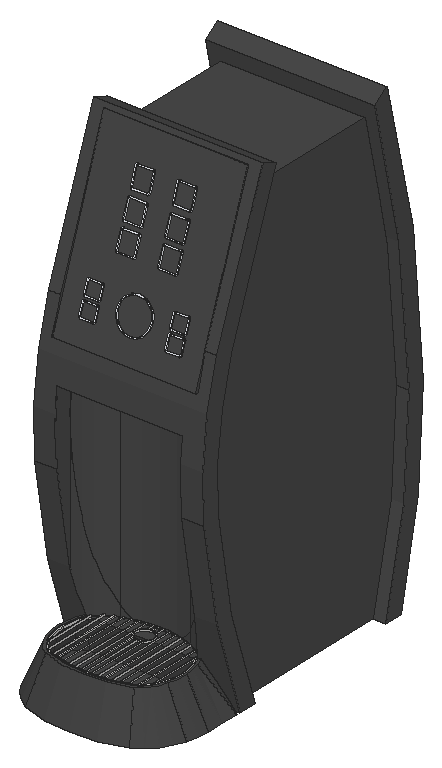
Revit family "QF_LANCER_TST", category Specialty Equipment, Revit 2014
Parameters
  Width = 9.40"
  Weight in Pounds = 35
  Watts = Volts * FL Amps  # 240 W
  Waste Water Discharge Temperature [instance] = 0 °F
  Volts = 120 V
  URL Cutsheet = "www.lancerbeersystem.com"
  URL = "www.lancerbeersystem.com"
  Type Mark [instance] = ""
  Status [instance] = ""
  Specification by User [instance] = ""
  Specification by Manufacturer = ""
  Serial Number = ""
  Seismic Rating = ""
  SMACNA No = ""
  Revision Code [instance] = ""
  Plumbing Remarks = ""
  Plumbing Connection Type = ""
  Phase = 1
  Omniclass Number and Title = ""
  Number of Poles = 1
  NAFEM Spec ID Number = ""
  Model = "320"
  Min Ckt Ampacity = 0 A
  Max Overcurrent Protection = 0 A
  Masterspec = ""
  Manufacturer = "LANCER"
  Item Number [instance] = ""
  Installed By [instance] = ""
  Indirect Waste Size = 1"
  Indirect Waste Flow [instance] = 0 GPM
  Indirect Waste Connection Type = ""
  Indirect Waste Connection Height = 0.00"
  Identify Quantity as Lot [instance] = yes
  Height = 26.75"
  HP = ""
  Furnished By [instance] = ""
  Foodservice Equipment Identifier [instance] = yes
  FL Amps = 2 A
  Elec Conn RI Height = 0.00"
  Elec Conn Connection Height = 0.00"
  Description = "TOUCHSCREEN TOWER"
  Depth = 18.70"
  Cycle = 60 Hz
  Conn Plug = ""
  Conn Conduit = yes
  CSI MasterFormat = ""
  CSI Master Format = ""
  Apparent Power = if(Phase = 3, Volts * FL Amps * 1.73, Volts * FL Amps)  # 240 VA
Reference planes (in)
  plane 1 "BACK": y = 0
  plane 2: z = 0
  plane 3 "LEFT": x = 0
  plane 4 "RIGHT": x = 9.4
  plane 5 "FRONT": y = -18.7
  plane 6 "TOP": z = 26.75
  plane 7 "Center Y": x = 4.7
  plane 8 "Center X": y = -9.35
Forms (in)
  Extrusion 1, solid, material "QF_Finishes_Black"
    sketch origin (0, 0, 0) x (0, 1, 0) y (0, 0, 1)
      loop
        line (-2.5, 26.75) -> (-3.36251, 26.14606)
        arc (-3.36251, 26.14606) -> (-1.66606, 18.62649) -> (-0.99982, 10.94676) r 56.99453
        arc (-0.99982, 10.94676) -> (-1.3472, 5.40849) -> (-2.58871, 0) r 34.08183
        line (-2.58871, 0) -> (-1.54112, 0)
        arc (-1.54112, 0) -> (-0.33518, 5.42162) -> (0, 10.96562) r 35.08183
        arc (0, 10.96562) -> (-0.7037, 18.94434) -> (-2.5, 26.75) r 57.99453
      loop
        arc (-15.2461, 10.38656) -> (-14.36192, 5.10763) -> (-12.76158, 0) r 38.90598
        line (-12.76158, 0) -> (-11.68579, 0)
        arc (-11.68579, 0) -> (-13.34333, 5.15) -> (-14.25082, 10.48352) r 37.90598
        arc (-14.25082, 10.48352) -> (-14.2148, 14.38002) -> (-13.35702, 18.18111) r 18.35401
        arc (-13.35702, 18.18111) -> (-11.87355, 22.29884) -> (-10.24701, 26.3622) r 125.15989
        line (-10.24701, 26.3622) -> (-11.16875, 26.75)
        arc (-11.16875, 26.75) -> (-12.80829, 22.65418) -> (-14.30361, 18.50354) r 126.15989
        arc (-14.30361, 18.50354) -> (-15.20813, 14.49536) -> (-15.2461, 10.38656) r 19.35401
    from 0 to 9.4
  SweptBlend 2, solid, material "QF_Finishes_Black"
    path origin (0, -18.7, 0) x (1, 0, 0) y (0, 0, 1)
      loop
        line (4.7, 0) -> (4.7, 2.5)
    profile origin (4.7, -18.7, 0) x (-1, 0, 0) y (0, -1, 0)
      loop
        arc (2.89919, -0.56251) -> (0, 0) -> (-2.89919, -0.56251) r 7.75254
        arc (-2.89919, -0.56251) -> (-3.88893, -1.3872) -> (-4.48126, -2.53125) r 3.25544
        arc (-4.48126, -2.53125) -> (-4.62687, -3.17404) -> (-4.7, -3.82906) r 5.90965
        line (-4.7, -3.82906) -> (-4.7, -5.7317)
        arc (-4.7, -5.7317) -> (0, -7.37975) -> (4.7, -5.7317) r 7.52587
        line (4.7, -5.7317) -> (4.7, -3.82906)
        arc (4.7, -3.82906) -> (4.62687, -3.17404) -> (4.48126, -2.53125) r 5.90965
        arc (4.48126, -2.53125) -> (3.88893, -1.3872) -> (2.89919, -0.56251) r 3.25544
    end profile origin (4.7, -18.7, 2.5) x (-1, 0, 0) y (0, -1, 0)
      loop
        arc (3.39062, -2.60151) -> (3.03807, -1.89567) -> (2.45218, -1.36724) r 2.12364
        arc (2.45218, -1.36724) -> (0, -0.90625) -> (-2.45218, -1.36724) r 6.75254
        arc (-2.45218, -1.36724) -> (-3.03807, -1.89567) -> (-3.39062, -2.60151) r 2.12364
        arc (-3.39062, -2.60151) -> (-3.51331, -3.11874) -> (-3.57731, -3.64646) r 4.73902
        arc (-3.57731, -3.64646) -> (-3.51661, -4.16903) -> (-3.39816, -4.68161) r 4.72292
        arc (-3.39816, -4.68161) -> (-3.03253, -5.40434) -> (-2.41742, -5.93127) r 2.06856
        arc (-2.41742, -5.93127) -> (0, -6.39303) -> (2.41742, -5.93127) r 6.55866
        arc (2.41742, -5.93127) -> (3.03253, -5.40434) -> (3.39816, -4.68161) r 2.06856
        arc (3.39816, -4.68161) -> (3.51661, -4.16903) -> (3.57731, -3.64646) r 4.72292
        arc (3.57731, -3.64646) -> (3.51331, -3.11874) -> (3.39062, -2.60151) r 4.73902
  Extrusion 3, solid, material "QF_Finishes_Black"
    sketch origin (4.7, 6.90541, 48) x (0, 1, 0) y (0, 0, 1)
      loop
        arc (-21.15622, -37.51648) -> (-20.24873, -42.85) -> (-18.5912, -48) r 37.90598
        line (-18.5912, -48) -> (-9.49412, -48)
        arc (-9.49412, -48) -> (-8.25261, -42.59151) -> (-7.90523, -37.05324) r 34.08183
        arc (-7.90523, -37.05324) -> (-8.50255, -29.82894) -> (-10.01202, -22.7389) r 56.99453
        line (-10.01202, -22.7389) -> (-17.60951, -22.7389)
        arc (-17.60951, -22.7389) -> (-18.98944, -26.25886) -> (-20.26243, -29.81889) r 125.15989
        arc (-20.26243, -29.81889) -> (-21.12021, -33.61998) -> (-21.15622, -37.51648) r 18.35401
    from -4 to 4
  Extrusion 4, void
    sketch origin (4.7, -15.05438, 2.5) x (0.363149, 0.931731, 0) y (0.931731, -0.363149, 0)
      loop
        arc (1.4333, -2.61655) -> (2.47087, -0.96304) -> (2.82592, 0.95649) r 5.20212
        arc (2.82592, 0.95649) -> (2.58793, 2.07417) -> (1.92609, 3.00574) r 2.82095
        line (1.92609, 3.00574) -> (0.86809, 3.41811) -> (-1.67396, -3.10401) -> (-0.61595, -3.51638)
        arc (-0.61595, -3.51638) -> (0.50173, -3.27839) -> (1.4333, -2.61655) r 2.82095
    from 0 to -12
  SweptBlend 5, void
    path origin (0, -18.7, 0) x (1, 0, 0) y (0, 0, 1)
      loop
        line (4.7, 0.25) -> (4.7, 2.5)
    profile origin (4.7, -18.7, 0.25) x (-1, 0, 0) y (0, -1, 0)
      loop
        arc (2.68548, -1.01551) -> (0, -0.5) -> (-2.68548, -1.01551) r 7.25254
        arc (-2.68548, -1.01551) -> (-3.50773, -1.7111) -> (-4.00053, -2.66874) r 2.75544
        arc (-4.00053, -2.66874) -> (-4.13269, -3.25047) -> (-4.2, -3.84321) r 5.40965
        line (-4.2, -3.84321) -> (-4.2, -5.48618)
        arc (-4.2, -5.48618) -> (0, -6.87975) -> (4.2, -5.48618) r 7.02587
        line (4.2, -5.48618) -> (4.2, -3.84321)
        arc (4.2, -3.84321) -> (4.13269, -3.25047) -> (4.00053, -2.66874) r 5.40965
        arc (4.00053, -2.66874) -> (3.50773, -1.7111) -> (2.68548, -1.01551) r 2.75544
    end profile origin (4.7, -18.7, 2.5) x (-1, 0, 0) y (0, -1, 0)
      loop
        arc (3.26577, -2.63776) -> (2.93824, -1.97918) -> (2.3942, -1.48418) r 1.99364
        arc (2.3942, -1.48418) -> (0, -1.03625) -> (-2.3942, -1.48418) r 6.62254
        arc (-2.3942, -1.48418) -> (-2.93824, -1.97918) -> (-3.26577, -2.63776) r 1.99364
        arc (-3.26577, -2.63776) -> (-3.38455, -3.13721) -> (-3.44705, -3.64676) r 4.60902
        arc (-3.44705, -3.64676) -> (-3.38775, -4.15122) -> (-3.27311, -4.64605) r 4.59292
        arc (-3.27311, -4.64605) -> (-2.93315, -5.32039) -> (-2.36131, -5.81366) r 1.93856
        arc (-2.36131, -5.81366) -> (0, -6.26303) -> (2.36131, -5.81366) r 6.42866
        arc (2.36131, -5.81366) -> (2.93315, -5.32039) -> (3.27311, -4.64605) r 1.93856
        arc (3.27311, -4.64605) -> (3.38775, -4.15122) -> (3.44705, -3.64676) r 4.59292
        arc (3.44705, -3.64676) -> (3.38455, -3.13721) -> (3.26577, -2.63776) r 4.60902
  Extrusion 6, solid, material "QF_Finishes_Stainless Steel"
    sketch origin (4.7, -15.05438, 2.5) x (0.931731, -0.363149, 0) y (0.363149, 0.931731, 0)
      loop
        arc (-3.15617, -1.22876) -> (-2.91659, -1.67328) -> (-2.62921, -2.0885) r 4.54902
        arc (-2.62921, -2.0885) -> (-2.10351, -2.56707) -> (-1.4404, -2.82332) r 1.93364
        arc (-1.4404, -2.82332) -> (0.9258, -2.37532) -> (2.97107, -1.10392) r 6.56254
        arc (2.97107, -1.10392) -> (3.28588, -0.46651) -> (3.34906, 0.24158) r 1.93364
        arc (3.34906, 0.24158) -> (3.27965, 0.74175) -> (3.15524, 1.23116) r 4.54902
        arc (3.15524, 1.23116) -> (2.92044, 1.6721) -> (2.63854, 2.08452) r 4.53292
        arc (2.63854, 2.08452) -> (2.09601, 2.57287) -> (1.4083, 2.81756) r 1.87856
        arc (1.4083, 2.81756) -> (-0.92872, 2.38283) -> (-2.94354, 1.1214) r 6.36866
        arc (-2.94354, 1.1214) -> (-3.28428, 0.47587) -> (-3.35324, -0.25081) r 1.87856
        arc (-3.35324, -0.25081) -> (-3.28169, -0.74523) -> (-3.15617, -1.22876) r 4.53292
      loop
        arc (-3.29351, -0.24514) -> (-3.22329, -0.73128) -> (-3.1002, -1.2068) r 4.47292
        arc (-3.1002, -1.2068) -> (-2.8643, -1.64375) -> (-2.58159, -2.05199) r 4.48902
        arc (-2.58159, -2.05199) -> (-2.07451, -2.51446) -> (-1.43491, -2.7633) r 1.87364
        arc (-1.43491, -2.7633) -> (0.90401, -2.31942) -> (2.92641, -1.06344) r 6.50254
        arc (2.92641, -1.06344) -> (3.22892, -0.44741) -> (3.28929, 0.23623) r 1.87364
        arc (3.28929, 0.23623) -> (3.22118, 0.72811) -> (3.09916, 1.20945) r 4.48902
        arc (3.09916, 1.20945) -> (2.868, 1.64285) -> (2.59072, 2.04828) r 4.47292
        arc (2.59072, 2.04828) -> (2.06728, 2.52014) -> (1.40376, 2.75758) r 1.81856
        arc (1.40376, 2.75758) -> (-0.90693, 2.32692) -> (-2.8996, 1.08031) r 6.30866
        arc (-2.8996, 1.08031) -> (-3.22744, 0.45648) -> (-3.29351, -0.24514) r 1.81856
    from 0 to -0.13
  Extrusion 7, solid, material "QF_Finishes_Stainless Steel"
    sketch origin (4.7, -15.05438, 2.5) x (0.931731, -0.363149, 0) y (0.363149, 0.931731, 0)
      loop
        line (-3.28419, 0.19788) -> (-2.28673, -2.3613)
        arc (-2.28673, -2.3613) -> (-2.24099, -2.39824) -> (-2.1941, -2.43373) r 1.87364
        line (-2.1941, -2.43373) -> (-3.2641, 0.31156)
        arc (-3.2641, 0.31156) -> (-3.27505, 0.25488) -> (-3.28419, 0.19788) r 1.81856
      loop
        line (-2.76311, 1.20292) -> (-1.21894, -2.75897)
        arc (-1.21894, -2.75897) -> (-1.18725, -2.75773) -> (-1.15557, -2.75633) r 6.50254
        line (-1.15557, -2.75633) -> (-2.71493, 1.24452)
        arc (-2.71493, 1.24452) -> (-2.73907, 1.22378) -> (-2.76311, 1.20292) r 6.30866
      loop
        line (0.67544, -2.40361) -> (-0.60875, 0.89124)
        arc (-0.60875, 0.89124) -> (-0.49799, 0.89354) -> (-0.38984, 0.91761) r 0.56
        line (-0.38984, 0.91761) -> (0.87603, -2.33025) -> (0.93194, -2.30846) -> (-0.33394, 0.9394)
        arc (-0.33394, 0.9394) -> (-0.23803, 0.99486) -> (-0.15492, 1.06812) r 0.56
        line (-0.15492, 1.06812) -> (1.12927, -2.22673)
        arc (1.12927, -2.22673) -> (1.15679, -2.21472) -> (1.18425, -2.20258) r 6.50254
        line (1.18425, -2.20258) -> (-0.11125, 1.12128)
        arc (-0.11125, 1.12128) -> (-0.04319, 1.65289) -> (-0.45304, 1.99823) r 0.56
        line (-0.45304, 1.99823) -> (-0.62146, 2.43034)
        arc (-0.62146, 2.43034) -> (-0.64991, 2.42073) -> (-0.67831, 2.41098) r 6.30866
        line (-0.67831, 2.41098) -> (-0.52117, 2.00781)
        arc (-0.52117, 2.00781) -> (-0.63194, 2.0055) -> (-0.74008, 1.98144) r 0.56
        line (-0.74008, 1.98144) -> (-0.87898, 2.33782) -> (-0.93489, 2.31603) -> (-0.79599, 1.95965)
        arc (-0.79599, 1.95965) -> (-0.89189, 1.90419) -> (-0.975, 1.83093) r 0.56
        line (-0.975, 1.83093) -> (-1.13214, 2.2341)
        arc (-1.13214, 2.2341) -> (-1.15965, 2.22206) -> (-1.1871, 2.20988) r 6.30866
        line (-1.1871, 2.20988) -> (-1.01868, 1.77776)
        arc (-1.01868, 1.77776) -> (-1.08673, 1.24616) -> (-0.67688, 0.90082) r 0.56
        line (-0.67688, 0.90082) -> (0.61862, -2.42305)
        arc (0.61862, -2.42305) -> (0.64705, -2.41339) -> (0.67544, -2.40361) r 6.50254
      loop
        line (-1.62762, -2.71618) -> (-3.03347, 0.89081)
        arc (-3.03347, 0.89081) -> (-3.05315, 0.85802) -> (-3.07215, 0.82482) r 1.81856
        line (-3.07215, 0.82482) -> (-1.70133, -2.69229)
        arc (-1.70133, -2.69229) -> (-1.6646, -2.70461) -> (-1.62762, -2.71618) r 1.87364
      loop
        arc (-0.83517, -2.7335) -> (-0.80418, -2.73045) -> (-0.77321, -2.72725) r 6.50254
        line (-0.77321, -2.72725) -> (-2.41511, 1.48537)
        arc (-2.41511, 1.48537) -> (-2.43998, 1.46652) -> (-2.46476, 1.44754) r 6.30866
        line (-2.46476, 1.44754) -> (-0.83517, -2.7335)
      loop
        arc (-0.45984, -2.68637) -> (-0.42952, -2.68159) -> (-0.39923, -2.67667) r 6.50254
        line (-0.39923, -2.67667) -> (-2.10659, 1.70391)
        arc (-2.10659, 1.70391) -> (-2.13215, 1.68684) -> (-2.15763, 1.66965) r 6.30866
        line (-2.15763, 1.66965) -> (-0.45984, -2.68637)
      loop
        arc (-0.09259, -2.6185) -> (-0.06292, -2.61206) -> (-0.03327, -2.60548) r 6.50254
        line (-0.03327, -2.60548) -> (-1.78975, 1.90112)
        arc (-1.78975, 1.90112) -> (-1.81598, 1.88577) -> (-1.84213, 1.87029) r 6.30866
        line (-1.84213, 1.87029) -> (-0.09259, -2.6185)
      loop
        arc (0.26683, -2.53058) -> (0.29588, -2.52252) -> (0.32489, -2.51432) r 6.50254
        line (0.32489, -2.51432) -> (-1.46488, 2.0777)
        arc (-1.46488, 2.0777) -> (-1.49175, 2.06401) -> (-1.51856, 2.0502) r 6.30866
        line (-1.51856, 2.0502) -> (0.26683, -2.53058)
      loop
        arc (2.28406, 2.36815) -> (2.23876, 2.40393) -> (2.19234, 2.43825) r 1.81856
        line (2.19234, 2.43825) -> (3.26234, -0.30704)
        arc (3.26234, -0.30704) -> (3.27284, -0.24919) -> (3.28152, -0.19103) r 1.87364
        line (3.28152, -0.19103) -> (2.28406, 2.36815)
      loop
        arc (1.2203, 2.75548) -> (1.18848, 2.75458) -> (1.15667, 2.75351) r 6.30866
        line (1.15667, 2.75351) -> (2.71603, -1.24735)
        arc (2.71603, -1.24735) -> (2.7403, -1.22694) -> (2.76447, -1.2064) r 6.50254
        line (2.76447, -1.2064) -> (1.2203, 2.75548)
      loop
        arc (3.0364, -0.89834) -> (3.0558, -0.8648) -> (3.0745, -0.83087) r 1.87364
        line (3.0745, -0.83087) -> (1.70368, 2.68624)
        arc (1.70368, 2.68624) -> (1.66724, 2.69783) -> (1.63055, 2.70865) r 1.81856
        line (1.63055, 2.70865) -> (3.0364, -0.89834)
      loop
        line (2.46469, -1.44736) -> (0.8351, 2.73368)
        arc (0.8351, 2.73368) -> (0.80401, 2.73089) -> (0.77294, 2.72794) r 6.30866
        line (0.77294, 2.72794) -> (2.41484, -1.48468)
        arc (2.41484, -1.48468) -> (2.43981, -1.46608) -> (2.46469, -1.44736) r 6.50254
      loop
        line (2.15646, -1.66665) -> (0.45867, 2.68937)
        arc (0.45867, 2.68937) -> (0.42828, 2.68479) -> (0.39791, 2.68006) r 6.30866
        line (0.39791, 2.68006) -> (2.10527, -1.70052)
        arc (2.10527, -1.70052) -> (2.1309, -1.68365) -> (2.15646, -1.66665) r 6.50254
      loop
        line (1.84015, -1.8652) -> (0.09061, 2.62359)
        arc (0.09061, 2.62359) -> (0.06088, 2.61729) -> (0.03118, 2.61084) r 6.30866
        line (0.03118, 2.61084) -> (1.78766, -1.89576)
        arc (1.78766, -1.89576) -> (1.81394, -1.88054) -> (1.84015, -1.8652) r 6.50254
      loop
        line (1.51602, -2.0437) -> (-0.26937, 2.53708)
        arc (-0.26937, 2.53708) -> (-0.29845, 2.52911) -> (-0.3275, 2.521) r 6.30866
        line (-0.3275, 2.521) -> (1.46228, -2.07102)
        arc (1.46228, -2.07102) -> (1.48918, -2.05742) -> (1.51602, -2.0437) r 6.50254
      loop
        circle (-0.56496, 1.44952) r 0.5
    from 0 to 0.06
  Extrusion 8, void
    sketch origin (4.7, 6.90541, 48) x (0, -1, 0) y (0, 0, 1)
      loop
        line (18.46712, -21.39475) -> (18.00926, -21.58617) -> (21.60047, -31.45294) -> (22.22747, -31.19081) -> (18.46712, -21.39475)
    from -4 to 4
  Extrusion 9, solid, material "QF_Finishes_Black"
    sketch origin (4.7, -11.10385, 26.41383) x (0, -0.34202, -0.939693) y (1, 0, 0)
      loop
        line (0, -4) -> (10.49248, -4) -> (10.49248, 4) -> (0, 4) -> (0, -4)
    from 0 to 0.25
  Extrusion 10, solid, material "QF_Finishes_White"
    sketch origin (4.7, -11.33878, 26.49934) x (0, -0.34202, -0.939693) y (1, 0, 0)
      loop
        arc (1.75296, -1.58796) -> (1.79113, -1.68013) -> (1.88331, -1.7183) r 0.13035
        line (1.88331, -1.7183) -> (2.81046, -1.7183)
        arc (2.81046, -1.7183) -> (2.90238, -1.68023) -> (2.94046, -1.5883) r 0.13
        line (2.94046, -1.5883) -> (2.94046, -0.75455)
        arc (2.94046, -0.75455) -> (2.90238, -0.66263) -> (2.81046, -0.62455) r 0.13
        line (2.81046, -0.62455) -> (1.88296, -0.62455)
        arc (1.88296, -0.62455) -> (1.79103, -0.66263) -> (1.75296, -0.75455) r 0.13
        line (1.75296, -0.75455) -> (1.75296, -1.58796)
      loop
        line (2.87046, -1.6483) -> (2.87046, -0.69455) -> (1.82296, -0.69455) -> (1.82296, -1.6483) -> (2.87046, -1.6483)
      loop
        line (1.75296, 1.58796) -> (1.75296, 0.75455)
        arc (1.75296, 0.75455) -> (1.79103, 0.66263) -> (1.88296, 0.62455) r 0.13
        line (1.88296, 0.62455) -> (2.81046, 0.62455)
        arc (2.81046, 0.62455) -> (2.90238, 0.66263) -> (2.94046, 0.75455) r 0.13
        line (2.94046, 0.75455) -> (2.94046, 1.5883)
        arc (2.94046, 1.5883) -> (2.90238, 1.68023) -> (2.81046, 1.7183) r 0.13
        line (2.81046, 1.7183) -> (1.88331, 1.7183)
        arc (1.88331, 1.7183) -> (1.79113, 1.68013) -> (1.75296, 1.58796) r 0.13035
      loop
        line (2.87046, 1.6483) -> (1.82296, 1.6483) -> (1.82296, 0.69455) -> (2.87046, 0.69455) -> (2.87046, 1.6483)
      loop
        arc (3.25296, -1.58796) -> (3.29113, -1.68013) -> (3.38331, -1.7183) r 0.13035
        line (3.38331, -1.7183) -> (4.31046, -1.7183)
        arc (4.31046, -1.7183) -> (4.40238, -1.68023) -> (4.44046, -1.5883) r 0.13
        line (4.44046, -1.5883) -> (4.44046, -0.75455)
        arc (4.44046, -0.75455) -> (4.40238, -0.66263) -> (4.31046, -0.62455) r 0.13
        line (4.31046, -0.62455) -> (3.38296, -0.62455)
        arc (3.38296, -0.62455) -> (3.29103, -0.66263) -> (3.25296, -0.75455) r 0.13
        line (3.25296, -0.75455) -> (3.25296, -1.58796)
      loop
        line (4.37046, -1.6483) -> (4.37046, -0.69455) -> (3.32296, -0.69455) -> (3.32296, -1.6483) -> (4.37046, -1.6483)
      loop
        line (3.25296, 1.58796) -> (3.25296, 0.75455)
        arc (3.25296, 0.75455) -> (3.29103, 0.66263) -> (3.38296, 0.62455) r 0.13
        line (3.38296, 0.62455) -> (4.31046, 0.62455)
        arc (4.31046, 0.62455) -> (4.40238, 0.66263) -> (4.44046, 0.75455) r 0.13
        line (4.44046, 0.75455) -> (4.44046, 1.5883)
        arc (4.44046, 1.5883) -> (4.40238, 1.68023) -> (4.31046, 1.7183) r 0.13
        line (4.31046, 1.7183) -> (3.38331, 1.7183)
        arc (3.38331, 1.7183) -> (3.29113, 1.68013) -> (3.25296, 1.58796) r 0.13035
      loop
        line (4.37046, 1.6483) -> (3.32296, 1.6483) -> (3.32296, 0.69455) -> (4.37046, 0.69455) -> (4.37046, 1.6483)
      loop
        arc (4.6801, -1.58796) -> (4.71828, -1.68013) -> (4.81045, -1.7183) r 0.13035
        line (4.81045, -1.7183) -> (5.7376, -1.7183)
        arc (5.7376, -1.7183) -> (5.82953, -1.68023) -> (5.8676, -1.5883) r 0.13
        line (5.8676, -1.5883) -> (5.8676, -0.75455)
        arc (5.8676, -0.75455) -> (5.82953, -0.66263) -> (5.7376, -0.62455) r 0.13
        line (5.7376, -0.62455) -> (4.8101, -0.62455)
        arc (4.8101, -0.62455) -> (4.71818, -0.66263) -> (4.6801, -0.75455) r 0.13
        line (4.6801, -0.75455) -> (4.6801, -1.58796)
      loop
        line (5.7976, -1.6483) -> (5.7976, -0.69455) -> (4.7501, -0.69455) -> (4.7501, -1.6483) -> (5.7976, -1.6483)
      loop
        line (4.6801, 1.58796) -> (4.6801, 0.75455)
        arc (4.6801, 0.75455) -> (4.71818, 0.66263) -> (4.8101, 0.62455) r 0.13
        line (4.8101, 0.62455) -> (5.7376, 0.62455)
        arc (5.7376, 0.62455) -> (5.82953, 0.66263) -> (5.8676, 0.75455) r 0.13
        line (5.8676, 0.75455) -> (5.8676, 1.5883)
        arc (5.8676, 1.5883) -> (5.82953, 1.68023) -> (5.7376, 1.7183) r 0.13
        line (5.7376, 1.7183) -> (4.81045, 1.7183)
        arc (4.81045, 1.7183) -> (4.71828, 1.68013) -> (4.6801, 1.58796) r 0.13035
      loop
        line (5.7976, 1.6483) -> (4.7501, 1.6483) -> (4.7501, 0.69455) -> (5.7976, 0.69455) -> (5.7976, 1.6483)
      loop
        arc (7.35802, -2.73792) -> (7.39619, -2.83009) -> (7.48837, -2.86827) r 0.13035
        line (7.48837, -2.86827) -> (8.10302, -2.86827)
        arc (8.10302, -2.86827) -> (8.19494, -2.83019) -> (8.23302, -2.73827) r 0.13
        line (8.23302, -2.73827) -> (8.23302, -2.06077)
        arc (8.23302, -2.06077) -> (8.19494, -1.96885) -> (8.10302, -1.93077) r 0.13
        line (8.10302, -1.93077) -> (7.48802, -1.93077)
        arc (7.48802, -1.93077) -> (7.39609, -1.96885) -> (7.35802, -2.06077) r 0.13
        line (7.35802, -2.06077) -> (7.35802, -2.73792)
      loop
        line (8.16302, -2.79827) -> (8.16302, -2.00077) -> (7.42802, -2.00077) -> (7.42802, -2.79827) -> (8.16302, -2.79827)
      loop
        arc (8.35802, -2.73792) -> (8.39619, -2.83009) -> (8.48837, -2.86827) r 0.13035
        line (8.48837, -2.86827) -> (9.10302, -2.86827)
        arc (9.10302, -2.86827) -> (9.19494, -2.83019) -> (9.23302, -2.73827) r 0.13
        line (9.23302, -2.73827) -> (9.23302, -2.06077)
        arc (9.23302, -2.06077) -> (9.19494, -1.96885) -> (9.10302, -1.93077) r 0.13
        line (9.10302, -1.93077) -> (8.48802, -1.93077)
        arc (8.48802, -1.93077) -> (8.39609, -1.96885) -> (8.35802, -2.06077) r 0.13
        line (8.35802, -2.06077) -> (8.35802, -2.73792)
      loop
        line (9.16302, -2.79827) -> (9.16302, -2.00077) -> (8.42802, -2.00077) -> (8.42802, -2.79827) -> (9.16302, -2.79827)
      loop
        line (7.35802, 2.73792) -> (7.35802, 2.06077)
        arc (7.35802, 2.06077) -> (7.39609, 1.96885) -> (7.48802, 1.93077) r 0.13
        line (7.48802, 1.93077) -> (8.10302, 1.93077)
        arc (8.10302, 1.93077) -> (8.19494, 1.96885) -> (8.23302, 2.06077) r 0.13
        line (8.23302, 2.06077) -> (8.23302, 2.73827)
        arc (8.23302, 2.73827) -> (8.19494, 2.83019) -> (8.10302, 2.86827) r 0.13
        line (8.10302, 2.86827) -> (7.48837, 2.86827)
        arc (7.48837, 2.86827) -> (7.39619, 2.83009) -> (7.35802, 2.73792) r 0.13035
      loop
        line (8.16302, 2.79827) -> (7.42802, 2.79827) -> (7.42802, 2.00077) -> (8.16302, 2.00077) -> (8.16302, 2.79827)
      loop
        line (8.35802, 2.73792) -> (8.35802, 2.06077)
        arc (8.35802, 2.06077) -> (8.39609, 1.96885) -> (8.48802, 1.93077) r 0.13
        line (8.48802, 1.93077) -> (9.10302, 1.93077)
        arc (9.10302, 1.93077) -> (9.19494, 1.96885) -> (9.23302, 2.06077) r 0.13
        line (9.23302, 2.06077) -> (9.23302, 2.73827)
        arc (9.23302, 2.73827) -> (9.19494, 2.83019) -> (9.10302, 2.86827) r 0.13
        line (9.10302, 2.86827) -> (8.48837, 2.86827)
        arc (8.48837, 2.86827) -> (8.39619, 2.83009) -> (8.35802, 2.73792) r 0.13035
      loop
        line (9.16302, 2.79827) -> (8.42802, 2.79827) -> (8.42802, 2.00077) -> (9.16302, 2.00077) -> (9.16302, 2.79827)
      loop
        circle (8.23302, 0) r 1
      loop
        circle (8.23302, 0) r 0.94
    from 0 to 0.03
  Extrusion 11, solid, material "QF_Finishes_Stainless Steel"
    sketch origin (0, 0, 0) x (1, 0, 0) y (0, 0, 1)
      loop
        circle (4.7, 2.01188) r 0.25
    from 0.85916 to 2.59431
Cuts and joins
  Extrusion 4, Extrusion 8 cuts Extrusion 1
  Extrusion 4, SweptBlend 5 cuts SweptBlend 2
  Extrusion 4 cuts Extrusion 3
Lines and regions (in)
  Split face 1
    outline origin (4.7, -11.33878, 26.49934) x (0, -0.34202, -0.939693) y (1, 0, 0)
      loop
        line (0.75, -3.25) -> (9.74248, -3.25) -> (9.74248, 3.25) -> (0.75, 3.25) -> (0.75, -3.25)
  Split face 2
    outline origin (0, 0.01031, 9.87199) x (0, 0, -1) y (0, -1, 0)
      loop
        line (7.31199, 13.67056) -> (7.31199, 12.62157)
  Split face 3
    outline origin (9.4, 0.01031, 9.87199) x (0, 0, 1) y (0, -1, 0)
      loop
        line (-7.31199, 13.67056) -> (-7.31199, 12.62157)
  Split face 4
    outline origin (9.4, 0.01031, 9.87199) x (0, 0, 1) y (0, -1, 0)
      loop
        line (-7.31199, 1.89554) -> (-7.31199, 0.86947)
  Split face 5
    outline origin (0, 0.01031, 9.87199) x (0, 0, -1) y (0, -1, 0)
      loop
        line (7.31199, 1.89554) -> (7.31199, 0.86947)
  Split face 6
    outline origin (4.7, -15.53637, 0) x (0.475475, -0.879729, 0) y (0.879729, 0.475475, 0)
      loop
        circle (-1.79264, 0.96889) r 0.5
  symbolic lines
    curve 1: line (9.4, 0, 0) -> (0, 0, 0)
    curve 2: line (0, -3.36251, 0) -> (0, 0, 0)
    curve 3: line (0, -3.36251, 0) -> (9.4, -3.36251, 0)
    curve 4: line (9.4, -3.36251, 0) -> (9.4, 0, 0)
    curve 5: line (0, -2.5, 0) -> (9.4, -2.5, 0)
    curve 6: line (0, -10.24701, 0) -> (9.4, -10.24701, 0)
    curve 7: line (0, -10.24701, 0) -> (0, -15.33729, 0)
    curve 8: line (9.4, -10.24701, 0) -> (9.4, -15.33729, 0)
    curve 9: line (0, -11.16875, 0) -> (9.4, -11.16875, 0)
    curve 10: line (1.45, -11.59529, 0) -> (7.95, -11.59529, 0)
    curve 11: line (7.95, -11.59529, 0) -> (7.95, -14.6709, 0)
    curve 12: line (7.95, -14.6709, 0) -> (1.45, -14.6709, 0)
    curve 13: line (1.45, -14.6709, 0) -> (1.45, -11.59529, 0)
    curve 14: line (0.7, -11.33878, 0) -> (0.7, -14.92742, 0)
    curve 15: line (0.7, -14.92742, 0) -> (8.7, -14.92742, 0)
    curve 16: line (8.7, -14.92742, 0) -> (8.7, -11.33878, 0)
    curve 17: line (8.7, -11.33878, 0) -> (0.7, -11.33878, 0)
    curve 18: arc (7.59919, -18.13749, 0) -> (4.7, -18.7, 0) -> (1.80081, -18.13749, 0) r 7.75254
    curve 19: arc (9.18126, -16.16875, 0) -> (8.58893, -17.3128, 0) -> (7.59919, -18.13749, 0) r 3.25544
    curve 20: arc (1.80081, -18.13749, 0) -> (0.81107, -17.3128, 0) -> (0.21874, -16.16875, 0) r 3.25544
    curve 21: line (0, -15.33729, 0) -> (1.2, -15.33729, 0)
    curve 22: line (1.2, -15.33729, 0) -> (1.2, -15.20759, 0)
    curve 23: line (1.2, -15.20759, 0) -> (8.2, -15.20759, 0)
    curve 24: line (8.2, -15.20759, 0) -> (8.2, -15.33729, 0)
    curve 25: line (8.2, -15.33729, 0) -> (9.4, -15.33729, 0)
    curve 26: arc (9.35554, -15.33729, 0) -> (9.28336, -15.75616, 0) -> (9.18126, -16.16875, 0) r 5.90965
    curve 27: arc (0.21874, -16.16875, 0) -> (0.11664, -15.75616, 0) -> (0.04446, -15.33729, 0) r 5.90965
    curve 28: arc (2.24782, -17.33276, 0) -> (4.7, -17.79375, 0) -> (7.15218, -17.33276, 0) r 6.75254
    curve 29: arc (1.30938, -16.09849, 0) -> (1.66193, -16.80433, 0) -> (2.24782, -17.33276, 0) r 2.12364
    curve 30: arc (1.14963, -15.33729, 0) -> (1.21386, -15.72118, 0) -> (1.30938, -16.09849, 0) r 4.73902
    curve 31: arc (7.15218, -17.33276, 0) -> (7.73807, -16.80433, 0) -> (8.09062, -16.09849, 0) r 2.12364
    curve 32: arc (8.09062, -16.09849, 0) -> (8.18614, -15.72118, 0) -> (8.25037, -15.33729, 0) r 4.73902
    curve 33: arc (2.35956, -17.10795, 0) -> (1.85399, -16.64382, 0) -> (1.54947, -16.02878, 0) r 1.87364
    curve 34: arc (1.54947, -16.02878, 0) -> (1.44876, -15.62199, 0) -> (1.38643, -15.20759, 0) r 4.48902
    curve 35: arc (7.04044, -17.10795, 0) -> (4.7, -17.54375, 0) -> (2.35956, -17.10795, 0) r 6.50254
    curve 36: arc (7.85053, -16.02878, 0) -> (7.54601, -16.64382, 0) -> (7.04044, -17.10795, 0) r 1.87364
    curve 37: arc (8.01357, -15.20759, 0) -> (7.95124, -15.62199, 0) -> (7.85053, -16.02878, 0) r 4.48902
    curve 38: line (1.77188, -16.52518, 0) -> (1.77188, -15.20759, 0)
    curve 39: line (1.71188, -15.20759, 0) -> (1.71188, -16.42406, 0)
    curve 40: line (2.13712, -15.20759, 0) -> (2.13712, -16.94504, 0)
    curve 41: line (2.19712, -16.99407, 0) -> (2.19712, -15.20759, 0)
    curve 42: line (2.56236, -15.20759, 0) -> (2.56236, -17.18234, 0)
    curve 43: line (2.62236, -17.2029, 0) -> (2.62236, -15.20759, 0)
    curve 44: line (2.92918, -15.20759, 0) -> (2.92918, -17.29798, 0)
    curve 45: line (2.98918, -17.31466, 0) -> (2.98918, -15.20759, 0)
    curve 46: line (3.296, -15.20759, 0) -> (3.296, -17.39037, 0)
    curve 47: line (3.356, -17.40334, 0) -> (3.356, -15.20759, 0)
    curve 48: line (3.66282, -15.20759, 0) -> (3.66282, -17.4605, 0)
    curve 49: line (3.72282, -17.46991, 0) -> (3.72282, -15.20759, 0)
    curve 50: line (4.02964, -15.20759, 0) -> (4.02964, -17.5091, 0)
    curve 51: line (4.08964, -17.51504, 0) -> (4.08964, -15.20759, 0)
    curve 52: line (4.45646, -17.53919, 0) -> (4.45646, -15.20759, 0)
    curve 53: line (4.39646, -15.20759, 0) -> (4.39646, -17.53666, 0)
    curve 54: line (4.67, -15.20759, 0) -> (4.67, -17.54368, 0)
    curve 55: line (4.73, -17.54368, 0) -> (4.73, -15.20759, 0)
    curve 56: line (4.94354, -15.20759, 0) -> (4.94354, -17.53919, 0)
    curve 57: line (5.00354, -17.53666, 0) -> (5.00354, -15.20759, 0)
    curve 58: line (5.31036, -15.20759, 0) -> (5.31036, -17.51504, 0)
    curve 59: line (5.37036, -17.5091, 0) -> (5.37036, -15.20759, 0)
    curve 60: line (5.67718, -15.20759, 0) -> (5.67718, -17.46991, 0)
    curve 61: line (5.73718, -17.4605, 0) -> (5.73718, -15.20759, 0)
    curve 62: line (6.044, -15.20759, 0) -> (6.044, -17.40334, 0)
    curve 63: line (6.104, -17.39037, 0) -> (6.104, -15.20759, 0)
    curve 64: line (6.41082, -15.20759, 0) -> (6.41082, -17.31466, 0)
    curve 65: line (6.47082, -17.29798, 0) -> (6.47082, -15.20759, 0)
    curve 66: line (6.77764, -15.20759, 0) -> (6.77764, -17.2029, 0)
    curve 67: line (6.83764, -17.18234, 0) -> (6.83764, -15.20759, 0)
    curve 68: line (7.20288, -15.20759, 0) -> (7.20288, -16.99407, 0)
    curve 69: line (7.26288, -16.94504, 0) -> (7.26288, -15.20759, 0)
    curve 70: line (7.62812, -15.20759, 0) -> (7.62812, -16.52518, 0)
    curve 71: line (7.68812, -16.42406, 0) -> (7.68812, -15.20759, 0)
    curve 72: line (0.7, -3.36251, 0) -> (0.7, -10.24701, 0)
    curve 73: line (8.7, -10.24701, 0) -> (8.7, -3.36251, 0)
    curve 74: line (3.0517, -11.99046, 0) -> (4.00545, -11.99046, 0)
    curve 75: line (4.00545, -11.99046, 0) -> (4.00545, -12.34872, 0)
    curve 76: line (4.00545, -12.34872, 0) -> (3.0517, -12.34872, 0)
    curve 77: line (3.0517, -12.34872, 0) -> (3.0517, -11.99046, 0)
    curve 78: line (5.39455, -11.99046, 0) -> (6.3483, -11.99046, 0)
    curve 79: line (6.3483, -11.99046, 0) -> (6.3483, -12.34872, 0)
    curve 80: line (6.3483, -12.34872, 0) -> (5.39455, -12.34872, 0)
    curve 81: line (5.39455, -12.34872, 0) -> (5.39455, -11.99046, 0)
    curve 82: line (5.39455, -12.50349, 0) -> (6.3483, -12.50349, 0)
    curve 83: line (6.3483, -12.50349, 0) -> (6.3483, -12.86175, 0)
    curve 84: line (6.3483, -12.86175, 0) -> (5.39455, -12.86175, 0)
    curve 85: line (5.39455, -12.86175, 0) -> (5.39455, -12.50349, 0)
    curve 86: line (3.0517, -12.50349, 0) -> (4.00545, -12.50349, 0)
    curve 87: line (4.00545, -12.50349, 0) -> (4.00545, -12.86175, 0)
    curve 88: line (4.00545, -12.86175, 0) -> (3.0517, -12.86175, 0)
    curve 89: line (3.0517, -12.86175, 0) -> (3.0517, -12.50349, 0)
    curve 90: line (3.0517, -12.9916, 0) -> (4.00545, -12.9916, 0)
    curve 91: line (4.00545, -12.9916, 0) -> (4.00545, -13.34986, 0)
    curve 92: line (4.00545, -13.34986, 0) -> (3.0517, -13.34986, 0)
    curve 93: line (3.0517, -13.34986, 0) -> (3.0517, -12.9916, 0)
    curve 94: line (5.39455, -12.9916, 0) -> (6.3483, -12.9916, 0)
    curve 95: line (6.3483, -12.9916, 0) -> (6.3483, -13.34986, 0)
    curve 96: line (6.3483, -13.34986, 0) -> (5.39455, -13.34986, 0)
    curve 97: line (5.39455, -13.34986, 0) -> (5.39455, -12.9916, 0)
    curve 98: line (6.70077, -13.9075, 0) -> (7.49827, -13.9075, 0)
    curve 99: line (7.49827, -13.9075, 0) -> (7.49827, -14.15888, 0)
    curve 100: line (7.49827, -14.15888, 0) -> (6.70077, -14.15888, 0)
    curve 101: line (6.70077, -14.15888, 0) -> (6.70077, -13.9075, 0)
    curve 102: line (6.70077, -14.24952, 0) -> (7.49827, -14.24952, 0)
    curve 103: line (7.49827, -14.24952, 0) -> (7.49827, -14.5009, 0)
    curve 104: line (7.49827, -14.5009, 0) -> (6.70077, -14.5009, 0)
    curve 105: line (6.70077, -14.5009, 0) -> (6.70077, -14.24952, 0)
    curve 106: spline (4.7, -14.52485, 0) -> (4.95882, -14.51319, 0) -> (5.2, -14.47902, 0) -> (5.40711, -14.42467, 0) -> (5.56603, -14.35384, 0) -> (5.66593, -14.27135, 0) -> (5.7, -14.18283, 0) -> (5.66593, -14.0943, 0) -> (5.56603, -14.01182, 0) -> (5.40711, -13.94098, 0) -> (5.2, -13.88663, 0) -> (4.95882, -13.85246, 0) -> (4.7, -13.8408, 0)
    curve 107: spline (4.7, -13.8408, 0) -> (4.44118, -13.85246, 0) -> (4.2, -13.88663, 0) -> (3.99289, -13.94098, 0) -> (3.83397, -14.01182, 0) -> (3.73407, -14.0943, 0) -> (3.7, -14.18283, 0) -> (3.73407, -14.27135, 0) -> (3.83397, -14.35384, 0) -> (3.99289, -14.42467, 0) -> (4.2, -14.47902, 0) -> (4.44118, -14.51319, 0) -> (4.7, -14.52485, 0)
    curve 108: line (1.90173, -14.15888, 0) -> (1.90173, -13.9075, 0)
    curve 109: line (1.90173, -13.9075, 0) -> (2.69923, -13.9075, 0)
    curve 110: line (2.69923, -13.9075, 0) -> (2.69923, -14.15888, 0)
    curve 111: line (2.69923, -14.15888, 0) -> (1.90173, -14.15888, 0)
    curve 112: line (1.90173, -14.5009, 0) -> (1.90173, -14.24952, 0)
    curve 113: line (1.90173, -14.24952, 0) -> (2.69923, -14.24952, 0)
    curve 114: line (2.69923, -14.24952, 0) -> (2.69923, -14.5009, 0)
    curve 115: line (2.69923, -14.5009, 0) -> (1.90173, -14.5009, 0)
Dimensions and locks (in)
  equal spacing: plane 3 "LEFT", plane 7 "Center Y", plane 4 "RIGHT"
  "Width": plane 3 "LEFT" to plane 4 "RIGHT"
  equal spacing: plane 5 "FRONT", plane 8 "Center X", plane 1 "BACK"
  "Depth": plane 5 "FRONT" to plane 1 "BACK"
  "Height": plane 6 "TOP" to level
  aligned and locked: level to plane 2
  aligned and locked: Extrusion 1 to plane 4 "RIGHT"
Automatic sketch dimensions
  Extrusion 1 sketch curve to Extrusion 1 sketch curve = 0.00"  (x12)
  Extrusion 1 sketch curve to level = 0.00"  (x2)
  Extrusion 1 sketch curve to plane 6 "TOP" = 0.00"  (x2)
  Extrusion 1 sketch curve to plane 1 "BACK" = 0.00"  (x2)
  plane 1 "BACK" to Extrusion 1 sketch curve = 1.54112"
  plane 1 "BACK" to Extrusion 1 sketch curve = 2.50"
  Extrusion 1 sketch curve to Extrusion 1 sketch curve = 1.0476"
  Extrusion 1 sketch curve to plane 6 "TOP" = 0.60394"
  Extrusion 1 sketch curve to Extrusion 1 sketch curve = 0.86251"
  Extrusion 1 sketch curve to plane 6 "TOP" = 0.3878"
  Extrusion 1 sketch curve to plane 8 "Center X" = 0.89701"
  Extrusion 1 sketch curve to Extrusion 1 sketch curve = 0.92174"
  Extrusion 1 sketch curve to plane 8 "Center X" = 2.33579"
  Extrusion 1 sketch curve to Extrusion 1 sketch curve = 1.07579"
  level to Extrusion 1 sketch curve = 10.30407"
  Extrusion 1 sketch curve to Extrusion 1 sketch curve = 22.31401"
  Extrusion 1 sketch curve to plane 1 "BACK" = 4.01672"
  Extrusion 1 sketch curve to Extrusion 1 sketch curve = 19.45985"
  Extrusion 1 sketch curve to level = 22.17512"
  Extrusion 1 sketch curve to Extrusion 1 sketch curve = 81.64161"
  Extrusion 1 sketch curve to Extrusion 1 sketch curve = 1.29747"
  level to Extrusion 1 sketch curve = 14.15881"
  SweptBlend 2 sketch curve to plane 7 "Center Y" = 0.00"
  SweptBlend 2 sketch curve to level = 0.00"
  level to SweptBlend 2 sketch curve = 2.50"
  SweptBlend 2 sketch curve to profile plane = 0.00"  (x4)
  profile plane to SweptBlend 2 sketch curve = 1.20059"
  SweptBlend 2 sketch curve to SweptBlend 2 sketch curve = 0.15073"  (x2)
  SweptBlend 2 sketch curve to SweptBlend 2 sketch curve = 3.49941"  (x2)
  SweptBlend 2 sketch curve to profile plane = 1.20059"
  SweptBlend 2 sketch curve to plane 5 "FRONT" = 7.75254"
  SweptBlend 2 sketch curve to SweptBlend 2 sketch curve = 2.02085"
  SweptBlend 2 sketch curve to SweptBlend 2 sketch curve = 3.59629"
  SweptBlend 2 sketch curve to SweptBlend 2 sketch curve = 0.00"  (x2)
  SweptBlend 2 sketch curve to SweptBlend 2 sketch curve = 1.90264"  (x2)
  SweptBlend 2 sketch curve to SweptBlend 2 sketch curve = 0.72984"  (x2)
  plane 5 "FRONT" to SweptBlend 2 sketch curve = 0.14612"
  SweptBlend 2 sketch curve to plane 5 "FRONT" = 0.56251"  (x2)
  SweptBlend 2 sketch curve to SweptBlend 2 sketch curve = 1.58207"
  profile plane to SweptBlend 2 sketch curve = 1.13713"
  SweptBlend 2 sketch curve to SweptBlend 2 sketch curve = 0.0147"  (x2)
  SweptBlend 2 sketch curve to SweptBlend 2 sketch curve = 0.21043"  (x2)
  SweptBlend 2 sketch curve to SweptBlend 2 sketch curve = 0.25343"  (x2)
  SweptBlend 2 sketch curve to profile plane = 1.13713"
  SweptBlend 2 sketch curve to plane 5 "FRONT" = 7.65879"
  SweptBlend 2 sketch curve to SweptBlend 2 sketch curve = 3.53155"
  SweptBlend 2 sketch curve to SweptBlend 2 sketch curve = 0.17502"  (x2)
  SweptBlend 2 sketch curve to SweptBlend 2 sketch curve = 0.5886"  (x2)
  SweptBlend 2 sketch curve to SweptBlend 2 sketch curve = 0.18264"  (x2)
  plane 5 "FRONT" to SweptBlend 2 sketch curve = 0.16563"
  SweptBlend 2 sketch curve to SweptBlend 2 sketch curve = 1.01215"  (x2)
  SweptBlend 2 sketch curve to SweptBlend 2 sketch curve = 1.10461"  (x2)
  SweptBlend 2 sketch curve to SweptBlend 2 sketch curve = 0.93844"  (x2)
  SweptBlend 2 sketch curve to SweptBlend 2 sketch curve = 0.98074"  (x2)
  SweptBlend 2 sketch curve to SweptBlend 2 sketch curve = 0.17915"
  SweptBlend 2 sketch curve to plane 5 "FRONT" = 1.36724"
  Extrusion 3 sketch curve to level = 0.00"
  level to Extrusion 3 sketch curve = 9.87199"
  plane 5 "FRONT" to Extrusion 3 sketch curve = 39.28422"
  plane 5 "FRONT" to Extrusion 3 sketch curve = 16.37559"
  Extrusion 3 sketch curve to plane 8 "Center X" = 2.33579"
  Extrusion 3 sketch curve to plane 8 "Center X" = 1.35411"
  Extrusion 3 sketch curve to plane 6 "TOP" = 1.4889"
  plane 1 "BACK" to Extrusion 3 sketch curve = 3.10661"
  plane 1 "BACK" to Extrusion 3 sketch curve = 2.58871"
  Extrusion 3 sketch curve to plane 1 "BACK" = 4.01672"
  Extrusion 3 sketch curve to Extrusion 3 sketch curve = 19.45985"
  Extrusion 3 sketch curve to level = 22.17512"
  Extrusion 3 sketch curve to Extrusion 3 sketch curve = 81.64161"
  level to Extrusion 3 sketch curve = 10.30407"
  Extrusion 3 sketch curve to Extrusion 3 sketch curve = 1.31632"
  level to Extrusion 3 sketch curve = 14.15881"
  Extrusion 3 sketch curve to Extrusion 3 sketch curve = 0.00"
  Extrusion 4 sketch curve to Extrusion 4 sketch curve = 0.70215"
  Extrusion 4 sketch curve to Extrusion 4 sketch curve = 1.74368"
  Extrusion 4 sketch curve to Extrusion 4 sketch curve = 1.05801"  (x2)
  Extrusion 4 sketch curve to Extrusion 4 sketch curve = 0.63744"
  Extrusion 4 sketch curve to Extrusion 4 sketch curve = 0.86307"
  Extrusion 4 sketch curve to Extrusion 4 sketch curve = 0.41237"
  Extrusion 4 sketch curve to Extrusion 4 sketch curve = 2.4781"
  Extrusion 4 sketch curve to Extrusion 4 sketch curve = 0.01391"
  Extrusion 4 sketch curve to Extrusion 4 sketch curve = 1.63549"
  Extrusion 4 sketch curve to Extrusion 4 sketch curve = 0.00"
  SweptBlend 5 sketch curve to profile plane = 0.00"  (x4)
  profile plane to SweptBlend 5 sketch curve = 1.20059"
  SweptBlend 5 sketch curve to SweptBlend 5 sketch curve = 0.15073"  (x2)
  SweptBlend 5 sketch curve to SweptBlend 5 sketch curve = 2.99941"  (x2)
  SweptBlend 5 sketch curve to profile plane = 1.20059"
  SweptBlend 5 sketch curve to plane 5 "FRONT" = 7.75254"
  SweptBlend 5 sketch curve to SweptBlend 5 sketch curve = 2.26636"
  SweptBlend 5 sketch curve to SweptBlend 5 sketch curve = 3.59629"
  SweptBlend 5 sketch curve to SweptBlend 5 sketch curve = 0.00"  (x2)
  SweptBlend 5 sketch curve to SweptBlend 5 sketch curve = 1.64297"  (x2)
  SweptBlend 5 sketch curve to SweptBlend 5 sketch curve = 0.72984"  (x2)
  plane 5 "FRONT" to SweptBlend 5 sketch curve = 0.14612"
  SweptBlend 5 sketch curve to plane 5 "FRONT" = 1.01551"  (x2)
  SweptBlend 5 sketch curve to SweptBlend 5 sketch curve = 1.31505"
  profile plane to SweptBlend 5 sketch curve = 1.13713"
  SweptBlend 5 sketch curve to SweptBlend 5 sketch curve = 0.0147"  (x2)
  SweptBlend 5 sketch curve to SweptBlend 5 sketch curve = 0.21043"  (x2)
  SweptBlend 5 sketch curve to SweptBlend 5 sketch curve = 0.25343"  (x2)
  SweptBlend 5 sketch curve to profile plane = 1.13713"
  SweptBlend 5 sketch curve to plane 5 "FRONT" = 7.65879"
  SweptBlend 5 sketch curve to SweptBlend 5 sketch curve = 3.53155"
  SweptBlend 5 sketch curve to SweptBlend 5 sketch curve = 0.17502"  (x2)
  SweptBlend 5 sketch curve to SweptBlend 5 sketch curve = 0.5886"  (x2)
  SweptBlend 5 sketch curve to SweptBlend 5 sketch curve = 0.18264"  (x2)
  plane 5 "FRONT" to SweptBlend 5 sketch curve = 0.16563"
  SweptBlend 5 sketch curve to SweptBlend 5 sketch curve = 0.95604"  (x2)
  SweptBlend 5 sketch curve to SweptBlend 5 sketch curve = 1.04663"  (x2)
  SweptBlend 5 sketch curve to SweptBlend 5 sketch curve = 0.87157"  (x2)
  SweptBlend 5 sketch curve to SweptBlend 5 sketch curve = 0.9118"  (x2)
  SweptBlend 5 sketch curve to SweptBlend 5 sketch curve = 0.17394"
  SweptBlend 5 sketch curve to plane 5 "FRONT" = 1.48418"
  SweptBlend 5 sketch curve to plane 7 "Center Y" = 0.00"
  level to SweptBlend 5 sketch curve = 0.25"
  SweptBlend 5 sketch curve to SweptBlend 5 sketch curve = 2.25"
  Extrusion 6 sketch curve to Extrusion 6 sketch curve = 0.04393"
  Extrusion 6 sketch curve to Extrusion 6 sketch curve = 0.00454"
  Extrusion 6 sketch curve to Extrusion 6 sketch curve = 0.04782"
  Extrusion 6 sketch curve to Extrusion 6 sketch curve = 0.05607"
  Extrusion 6 sketch curve to Extrusion 6 sketch curve = 0.04465"
  Extrusion 6 sketch curve to Extrusion 6 sketch curve = 0.05976"
  Extrusion 6 sketch curve to Extrusion 6 sketch curve = 0.04762"
  Extrusion 6 sketch curve to Extrusion 6 sketch curve = 0.00549"
  Extrusion 6 sketch curve to Extrusion 6 sketch curve = 0.05597"
  Extrusion 6 sketch curve to Extrusion 6 sketch curve = 0.05973"
  Extrusion 6 sketch curve to Extrusion 6 sketch curve = 0.00"  (x8)
  Extrusion 7 sketch curve to Extrusion 7 sketch curve = 0.00"  (x12)
  Extrusion 7 sketch curve to Extrusion 7 sketch curve = 0.06118"
  Extrusion 7 sketch curve to Extrusion 7 sketch curve = 0.54078"
  Extrusion 7 sketch curve to Extrusion 7 sketch curve = 0.07371"
  Extrusion 7 sketch curve to Extrusion 7 sketch curve = 0.27119"
  Extrusion 7 sketch curve to Extrusion 7 sketch curve = 0.05238"
  Extrusion 7 sketch curve to Extrusion 7 sketch curve = 0.26445"
  Extrusion 7 sketch curve to Extrusion 7 sketch curve = 0.05104"
  Extrusion 7 sketch curve to Extrusion 7 sketch curve = 0.49278"
  Extrusion 7 sketch curve to Extrusion 7 sketch curve = 0.09263"
  Extrusion 7 sketch curve to Extrusion 7 sketch curve = 0.25748"
  Extrusion 7 sketch curve to Extrusion 7 sketch curve = 0.04965"
  Extrusion 7 sketch curve to Extrusion 7 sketch curve = 0.25018"
  Extrusion 7 sketch curve to Extrusion 7 sketch curve = 0.04818"
  Extrusion 7 sketch curve to Extrusion 7 sketch curve = 0.27036"
  Extrusion 7 sketch curve to Extrusion 7 sketch curve = 0.03868"
  Extrusion 7 sketch curve to Extrusion 7 sketch curve = 0.19196"
  Extrusion 7 sketch curve to Extrusion 7 sketch curve = 0.02009"
  Extrusion 7 sketch curve to Extrusion 7 sketch curve = 0.05368"
  Extrusion 7 sketch curve to Extrusion 7 sketch curve = 0.40868"
  Extrusion 7 sketch curve to Extrusion 7 sketch curve = 0.27778"
  Extrusion 7 sketch curve to Extrusion 7 sketch curve = 0.06337"
  Extrusion 7 sketch curve to Extrusion 7 sketch curve = 0.05496"
  Extrusion 7 sketch curve to Extrusion 7 sketch curve = 0.16842"
  Extrusion 7 sketch curve to Extrusion 7 sketch curve = 0.04368"  (x2)
  Extrusion 7 sketch curve to Extrusion 7 sketch curve = 0.19725"
  Extrusion 7 sketch curve to Extrusion 7 sketch curve = 0.0559"  (x4)
  Extrusion 7 sketch curve to Extrusion 7 sketch curve = 0.3204"
  Extrusion 7 sketch curve to Extrusion 7 sketch curve = 0.17902"
  Extrusion 7 sketch curve to Extrusion 7 sketch curve = 0.06196"
  Extrusion 7 sketch curve to Extrusion 7 sketch curve = 0.20067"
  Extrusion 7 sketch curve to Extrusion 7 sketch curve = 0.34179"
  Extrusion 7 sketch curve to Extrusion 7 sketch curve = 0.05685"
  Extrusion 7 sketch curve to Extrusion 7 sketch curve = 0.06813"  (x2)
  Extrusion 7 sketch curve to Extrusion 7 sketch curve = 0.41004"
  Extrusion 7 sketch curve to Extrusion 7 sketch curve = 0.21891"  (x2)
  Extrusion 7 sketch curve to Extrusion 7 sketch curve = 0.31337"
  Extrusion 7 sketch curve to Extrusion 7 sketch curve = 0.06061"
  Extrusion 7 sketch curve to Extrusion 7 sketch curve = 0.29397"
  Extrusion 7 sketch curve to Extrusion 7 sketch curve = 0.05813"
  Extrusion 7 sketch curve to Extrusion 7 sketch curve = 0.30663"
  Extrusion 7 sketch curve to Extrusion 7 sketch curve = 0.05932"
  Extrusion 7 sketch curve to Extrusion 7 sketch curve = 0.30055"
  Extrusion 7 sketch curve to Extrusion 7 sketch curve = 0.05943"
  Extrusion 7 sketch curve to Extrusion 7 sketch curve = 0.30011"
  Extrusion 7 sketch curve to Extrusion 7 sketch curve = 0.05806"
  Extrusion 7 sketch curve to Extrusion 7 sketch curve = 0.30729"
  Extrusion 7 sketch curve to Extrusion 7 sketch curve = 0.06077"
  Extrusion 7 sketch curve to Extrusion 7 sketch curve = 0.29372"
  Extrusion 7 sketch curve to Extrusion 7 sketch curve = 0.05682"
  Extrusion 7 sketch curve to Extrusion 7 sketch curve = 0.31427"
  Extrusion 7 sketch curve to Extrusion 7 sketch curve = 0.06216"
  Extrusion 7 sketch curve to Extrusion 7 sketch curve = 0.45383"
  Extrusion 7 sketch curve to Extrusion 7 sketch curve = 0.32157"
  Extrusion 7 sketch curve to Extrusion 7 sketch curve = 0.05499"
  Extrusion 7 sketch curve to Extrusion 7 sketch curve = 0.06363"
  Extrusion 7 sketch curve to Extrusion 7 sketch curve = 0.27802"
  Extrusion 7 sketch curve to Extrusion 7 sketch curve = 0.05375"
  Extrusion 7 sketch curve to Extrusion 7 sketch curve = 0.41026"
  Extrusion 7 sketch curve to Extrusion 7 sketch curve = 0.07313"
  Extrusion 7 sketch curve to Extrusion 7 sketch curve = 0.27164"
  Extrusion 7 sketch curve to Extrusion 7 sketch curve = 0.05249"
  Extrusion 7 sketch curve to Extrusion 7 sketch curve = 0.26512"
  Extrusion 7 sketch curve to Extrusion 7 sketch curve = 0.05119"
  Extrusion 7 sketch curve to Extrusion 7 sketch curve = 0.48866"
  Extrusion 7 sketch curve to Extrusion 7 sketch curve = 0.09172"
  Extrusion 7 sketch curve to Extrusion 7 sketch curve = 0.25838"
  Extrusion 7 sketch curve to Extrusion 7 sketch curve = 0.04985"
  Extrusion 7 sketch curve to Extrusion 7 sketch curve = 0.25134"
  Extrusion 7 sketch curve to Extrusion 7 sketch curve = 0.04844"
  Extrusion 7 sketch curve to Extrusion 7 sketch curve = 0.27193"
  Extrusion 7 sketch curve to Extrusion 7 sketch curve = 0.0381"
  Extrusion 7 sketch curve to Extrusion 7 sketch curve = 0.18784"
  Extrusion 7 sketch curve to Extrusion 7 sketch curve = 0.01918"
  Extrusion 7 sketch curve to Extrusion 7 sketch curve = 0.00958"
  Extrusion 7 sketch curve to Extrusion 7 sketch curve = 0.17688"
  Extrusion 7 sketch curve to Extrusion 7 sketch curve = 0.05316"  (x2)
  Extrusion 7 sketch curve to Extrusion 7 sketch curve = 0.02179"  (x2)
  Extrusion 7 sketch curve to Extrusion 7 sketch curve = 0.20059"
  Extrusion 7 sketch curve to Extrusion 7 sketch curve = 0.07336"
  Extrusion 7 sketch curve to Extrusion 7 sketch curve = 0.04816"
  Extrusion 8 sketch curve to plane 5 "FRONT" = 3.37794"
  Extrusion 8 sketch curve to Extrusion 8 sketch curve = 0.627"
  Extrusion 8 sketch curve to plane 6 "TOP" = 0.14475"
  Extrusion 8 sketch curve to plane 8 "Center X" = 2.21171"
  Extrusion 8 sketch curve to plane 6 "TOP" = 0.33617"
  Extrusion 8 sketch curve to Extrusion 8 sketch curve = 0.45785"
  Extrusion 8 sketch curve to plane 6 "TOP" = 9.94081"
  Extrusion 8 sketch curve to Extrusion 8 sketch curve = 0.26213"
  Extrusion 9 sketch curve to Extrusion 8 = 0.00"  (x3)
  Extrusion 8 to Extrusion 9 sketch curve = 0.00752"
  Split face 1 sketch curve to Extrusion 9 = 0.75"  (x4)
  Extrusion 10 sketch curve to Extrusion 9 = 1.75296"
  Extrusion 10 sketch curve to Extrusion 10 sketch curve = 0.00"  (x7)
  Extrusion 10 sketch curve to Extrusion 10 sketch curve = 0.13"  (x11)
  Extrusion 10 sketch curve to Extrusion 10 sketch curve = 0.07"  (x17)
  Extrusion 10 sketch curve to Extrusion 10 sketch curve = 0.06"  (x36)
  Extrusion 10 sketch curve to Extrusion 10 sketch curve = 0.06035"  (x11)
  Extrusion 10 sketch curve to Extrusion 10 sketch curve = 0.9875"  (x3)
  Extrusion 10 sketch curve to Extrusion 10 sketch curve = 0.92715"  (x6)
  Extrusion 10 sketch curve to Extrusion 10 sketch curve = 0.3125"  (x2)
  Extrusion 10 sketch curve to Extrusion 10 sketch curve = 0.23965"  (x2)
  Extrusion 10 sketch curve to Extrusion 10 sketch curve = 1.49041"  (x2)
  Extrusion 10 sketch curve to Extrusion 10 sketch curve = 0.615"  (x2)
  Extrusion 10 sketch curve to Extrusion 10 sketch curve = 0.61465"  (x3)
  Extrusion 10 sketch curve to Extrusion 10 sketch curve = 0.675"  (x2)
  Extrusion 10 sketch curve to Extrusion 10 sketch curve = 0.125"  (x2)
  Extrusion 10 sketch curve to Extrusion 10 sketch curve = 0.67465"
  Extrusion 10 sketch curve to Extrusion 9 = 1.13173"
  Extrusion 10 sketch curve to Extrusion 10 sketch curve = 0.67715"  (x2)
  Extrusion 10 sketch curve to Extrusion 9 = 2.2817"
  Extrusion 10 sketch curve to Extrusion 10 sketch curve = 0.13035"
  Extrusion 10 sketch curve to Extrusion 10 sketch curve = 0.8334"  (x3)
  Extrusion 10 sketch curve to Extrusion 10 sketch curve = 0.89375"  (x2)
  Extrusion 10 sketch curve to Extrusion 10 sketch curve = 1.93077"
  Extrusion 10 sketch curve to Extrusion 10 sketch curve = 1.24911"  (x2)
  Extrusion 10 sketch curve to Extrusion 10 sketch curve = 0.8934"
  Extrusion 10 sketch curve to Extrusion 9 = 2.06923"
  Extrusion 10 sketch curve to Extrusion 10 sketch curve = 0.73715"
  Split face 2 sketch curve to cut or joined group of Extrusion 1, Extrusion 4, Extrusion 8 = 2.56"
  Split face 2 sketch curve to cut or joined group of Extrusion 1, Extrusion 4, Extrusion 8 = 14.01571"
  Split face 2 sketch curve to Split face 2 sketch curve = 1.04899"
  Split face 4 sketch curve to cut or joined group of Extrusion 1, Extrusion 4, Extrusion 8 = 2.56"
  Split face 4 sketch curve to cut or joined group of Extrusion 1, Extrusion 4, Extrusion 8 = 18.29887"
  Split face 4 sketch curve to Split face 4 sketch curve = 1.02606"
  Split face 6 sketch curve to Split face 6 sketch curve = 0.00"  (x2)
  cut or joined group of SweptBlend 2, Extrusion 4, SweptBlend 5 to Split face 6 sketch curve = 4.70"
  Split face 6 sketch curve to Split face 6 sketch curve = 0.38124"  (x2)
  Split face 6 sketch curve to Split face 6 sketch curve = 0.3235"
  curve 7 to plane 3 "LEFT" = 0.00"
  plane 1 "BACK" to curve 1 = 0.00"
  curve 1 to plane 3 "LEFT" = 0.00"
  curve 18 to plane 7 "Center Y" = 0.00"
  curve 9 to plane 4 "RIGHT" = 0.00"
  curve 5 to plane 4 "RIGHT" = 0.00"
  plane 3 "LEFT" to curve 15 = 0.70"
  curve 14 to curve 21 = 0.50"
  curve 22 to curve 13 = 0.25"
  curve 11 to curve 24 = 0.25"
  plane 4 "RIGHT" to curve 17 = 0.70"
  curve 3 to curve 1 = 3.36251"
  curve 6 to plane 8 "Center X" = 0.89701"
  curve 18 to plane 8 "Center X" = 1.59746"
  curve 16 to curve 6 = 1.09177"
  curve 10 to curve 14 = 0.25652"
  curve 15 to curve 12 = 0.25652"
  curve 24 to curve 15 = 0.28017"
  curve 19 to curve 11 = 0.60269"
  curve 7 to curve 14 = 0.40988"
  plane 3 "LEFT" to curve 20 = 0.21874"
  curve 20 to plane 5 "FRONT" = 0.56251"
  curve 19 to plane 5 "FRONT" = 0.56251"
  plane 4 "RIGHT" to curve 19 = 0.21874"
  curve 3 to curve 5 = 0.86251"
  curve 14 to curve 9 = 0.17003"
  curve 25 to curve 23 = 0.1297"
  curve 20 to curve 26 = 0.15073"
  curve 26 to curve 19 = 0.00"
  curve 27 to curve 19 = 0.15073"
  curve 27 to curve 20 = 0.00"
  curve 7 to curve 27 = 0.04446"
  plane 4 "RIGHT" to curve 26 = 0.04446"
  curve 28 to plane 7 "Center Y" = 0.00"
  curve 20 to curve 29 = 0.00375"
  curve 29 to curve 20 = 0.24542"
  curve 28 to curve 18 = 0.09375"
  curve 21 to curve 29 = 0.10938"
  curve 18 to curve 28 = 0.44701"
  curve 28 to curve 19 = 0.44701"
  curve 30 to curve 27 = 0.04875"
  curve 30 to curve 27 = 0.20402"
  curve 30 to curve 22 = 0.05037"
  curve 31 to curve 19 = 0.00375"
  curve 31 to curve 19 = 0.24542"
  curve 31 to curve 24 = 0.10938"
  curve 26 to curve 32 = 0.04875"
  curve 32 to curve 26 = 0.20402"
  curve 23 to curve 32 = 0.05037"
  curve 29 to curve 33 = 0.00"  (x2)
  curve 30 to curve 34 = 0.00"  (x2)
  curve 22 to curve 34 = 0.18643"
  curve 30 to curve 34 = 0.24009"
  curve 28 to curve 33 = 0.11173"
  curve 28 to curve 33 = 0.22481"
  curve 28 to curve 35 = 0.00"  (x2)
  curve 35 to curve 31 = 0.11173"
  curve 31 to curve 36 = 0.00"  (x2)
  curve 36 to curve 31 = 0.24009"
  curve 32 to curve 37 = 0.00"  (x2)
  curve 37 to curve 23 = 0.18643"
  curve 34 to curve 38 = 0.2224"
  curve 39 to curve 38 = 0.06"
  curve 38 to curve 40 = 0.36524"
  curve 40 to curve 41 = 0.06"
  curve 41 to curve 42 = 0.36524"
  curve 42 to curve 43 = 0.06"
  curve 43 to curve 44 = 0.30682"
  curve 44 to curve 45 = 0.06"
  curve 45 to curve 46 = 0.30682"
  curve 46 to curve 47 = 0.06"
  curve 47 to curve 48 = 0.30682"
  curve 48 to curve 49 = 0.06"
  curve 49 to curve 50 = 0.30682"
  curve 50 to curve 51 = 0.06"
  curve 52 to plane 7 "Center Y" = 0.24354"
  curve 52 to curve 26 = 0.66384"
  curve 53 to curve 52 = 0.06"
  curve 54 to plane 7 "Center Y" = 0.03"
  plane 7 "Center Y" to curve 55 = 0.03"
  curve 55 to curve 56 = 0.21354"
  curve 56 to curve 57 = 0.06"
  plane 7 "Center Y" to curve 58 = 0.61036"
  curve 58 to curve 59 = 0.06"
  curve 59 to curve 60 = 0.30682"
  curve 60 to curve 61 = 0.06"
  curve 61 to curve 62 = 0.30682"
